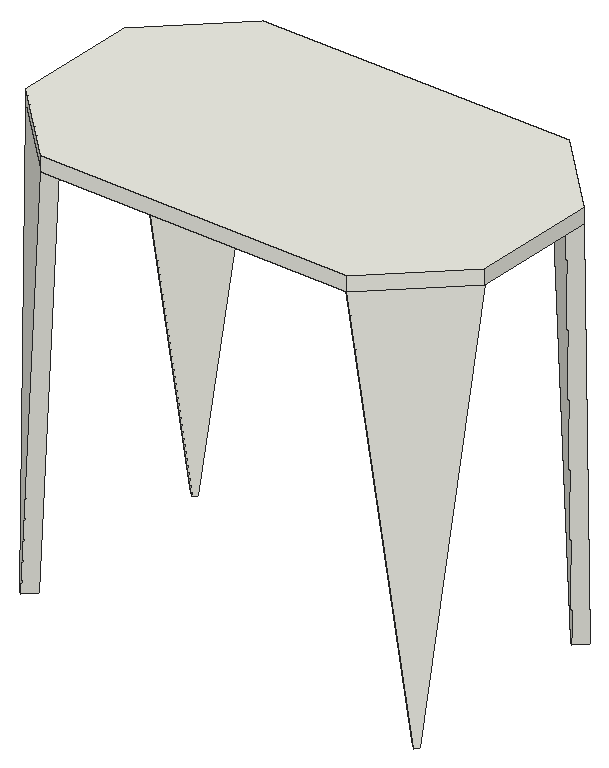
Revit family
Parameters
  Width = 2' - 0"
  URL = "http://elanbydecca.com/"
  Base [instance] = Furniture - DECCA (Elan) - Rottet - Base
  Product URL = "http://elanbydecca.com/PDFs/elan_tearsheet-rottet.pdf"
  Model = "LR ST100"
  Manufacturer = "Decca Contract"
  Height = 1' - 10"
  Description = "Rottet Nesting Table"
  Depth = 1' - 2 1/2"
  Assembly Description = "Furniture & Accessories"
  Assembly Code = "E2020200"
Reference planes (in)
  plane 1 "Center Front/Back": y = -0.7524
  plane 2: z = 0
  plane 3 "Center Left/Right": x = 0
  plane 4 "L": x = -12
  plane 5 "R": x = 12
  plane 6 "F": y = -8.0024
  plane 7: y = 6.4976
  plane 8: through (-6.25338, 2.33237, 23.38953) normal (0.4297, -0.4297, 0.7941)
  plane 9: z = 22
  plane 10: z = 21.25
  plane 11: y = -4.0024
  plane 12: y = 2.4976
Forms (in)
  Extrusion 1, solid, material "Furniture - DECCA (Elan) - Rottet - Base" <- "Base"
    sketch origin (0, 0, 21.3125) x (-1, 0, 0) y (0, -1, 0)
      loop
        line (12, -2.4976) -> (12, 4.0024) -> (8, 8.0024) -> (-8, 8.0024) -> (-12, 4.0024) -> (-12, -2.4976) -> (-8, -6.4976) -> (8, -6.4976) -> (12, -2.4976)
    from -0.0625 to 0.6875
  Blend 2, solid, material "Furniture - DECCA (Elan) - Rottet - Base" <- "Base"
    base sketch origin (0, 0, 21.3125) x (-1, 0, 0) y (0, -1, 0)
      loop
        line (10.46852, 6.29414) -> (10.29174, 6.47092) -> (9.76141, 5.94059) -> (9.93819, 5.76381) -> (10.46852, 6.29414)
    top sketch origin (0, 0, 21.3125) x (-1, 0, 0) y (0, -1, 0)
      loop
        line (12, 4.0024) -> (8, 8.0024) -> (7.46967, 7.47207) -> (11.46967, 3.47207) -> (12, 4.0024)
    from -21.3125 to -0.0625
  Blend 3, solid, material "Furniture - DECCA (Elan) - Rottet - Base" <- "Base"
    base sketch origin (0, 0, 21.3125) x (1, 0, 0) y (0, 1, 0)
      loop
        line (10.46852, -6.29414) -> (9.93819, -5.76381) -> (9.76141, -5.94059) -> (10.29174, -6.47092) -> (10.46852, -6.29414)
    top sketch origin (0, 0, 21.3125) x (1, 0, 0) y (0, 1, 0)
      loop
        line (12, -4.0024) -> (11.46967, -3.47207) -> (7.46967, -7.47207) -> (8, -8.0024) -> (12, -4.0024)
    from -21.3125 to -0.0625
  Blend 4, solid, material "Furniture - DECCA (Elan) - Rottet - Base" <- "Base"
    base sketch origin (0, -1.5048, 21.3125) x (-1, 0, 0) y (0, -1, 0)
      loop
        line (10.46852, -6.29414) -> (9.93819, -5.76381) -> (9.76141, -5.94059) -> (10.29174, -6.47092) -> (10.46852, -6.29414)
    top sketch origin (0, -1.5048, 21.3125) x (-1, 0, 0) y (0, -1, 0)
      loop
        line (12, -4.0024) -> (11.46967, -3.47207) -> (7.46967, -7.47207) -> (8, -8.0024) -> (12, -4.0024)
    from -21.3125 to -0.0625
  Blend 5, solid, material "Furniture - DECCA (Elan) - Rottet - Base" <- "Base"
    base sketch origin (0, -1.5048, 21.3125) x (1, 0, 0) y (0, 1, 0)
      loop
        line (10.46852, 6.29414) -> (10.29174, 6.47092) -> (9.76141, 5.94059) -> (9.93819, 5.76381) -> (10.46852, 6.29414)
    top sketch origin (0, -1.5048, 21.3125) x (1, 0, 0) y (0, 1, 0)
      loop
        line (12, 4.0024) -> (8, 8.0024) -> (7.46967, 7.47207) -> (11.46967, 3.47207) -> (12, 4.0024)
    from -21.3125 to -0.0625
Cuts and joins
  joined: Extrusion 1, Blend 2, Blend 3, Blend 4, Blend 5
Dimensions and locks (in)
  equal spacing: plane 4 "L", plane 3 "Center Left/Right", plane 5 "R"
  equal spacing: plane 7, plane 1 "Center Front/Back", plane 6 "F"
  "Width": plane 4 "L" to plane 5 "R"
  "Depth": plane 7 to plane 6 "F"
  "Height": plane 9 to level
  locked: plane 9 to plane 10 at 0.75
  aligned and locked: Extrusion 1 sketch curve to plane 4 "L"
  aligned and locked: Extrusion 1 sketch curve to plane 7
  aligned and locked: Extrusion 1 sketch curve to plane 6 "F"
  aligned and locked: plane 5 "R" to Extrusion 1 sketch curve
  aligned and locked: Extrusion 1 to plane 10
  aligned and locked: plane 9 to Extrusion 1
  aligned and locked: plane 10 to Blend 2
Automatic sketch dimensions
  plane 12 to Extrusion 1 sketch curve = 0' - 0"
  Extrusion 1 sketch curve to plane 12 = 0' - 0"
  plane 11 to Extrusion 1 sketch curve = 0' - 0"  (x2)
  plane 5 "R" to Extrusion 1 sketch curve = 0' - 4"  (x2)
  plane 4 "L" to Extrusion 1 sketch curve = 0' - 4"  (x2)
  plane 4 "L" to Blend 2 sketch curve = 0' - 2.23859"
  Blend 2 sketch curve to Blend 2 sketch curve = 0' - 0.17678"  (x2)
  Blend 2 sketch curve to Blend 2 sketch curve = 0' - 0.53033"
  plane 6 "F" to Blend 2 sketch curve = 0' - 2.23859"
  Blend 2 sketch curve to plane 6 "F" = 0' - 0"
  Blend 2 sketch curve to plane 4 "L" = 0' - 0"
  plane 11 to Blend 2 sketch curve = 0' - 0"
  plane 4 "L" to Blend 2 sketch curve = 0' - 0.53033"
  plane 4 "L" to Blend 2 sketch curve = 0' - 4"
  plane 5 "R" to Blend 3 sketch curve = 0' - 2.23859"
  Blend 3 sketch curve to Blend 3 sketch curve = 0' - 0.17678"  (x2)
  Blend 3 sketch curve to Blend 3 sketch curve = 0' - 0.53033"
  plane 6 "F" to Blend 3 sketch curve = 0' - 1.53148"
  Blend 3 sketch curve to plane 6 "F" = 0' - 0"
  Blend 3 sketch curve to plane 5 "R" = 0' - 0"
  plane 11 to Blend 3 sketch curve = 0' - 0"
  plane 5 "R" to Blend 3 sketch curve = 0' - 0.53033"
  plane 5 "R" to Blend 3 sketch curve = 0' - 4"
  plane 4 "L" to Blend 4 sketch curve = 0' - 2.23859"
  Blend 4 sketch curve to Blend 4 sketch curve = 0' - 0.17678"  (x2)
  Blend 4 sketch curve to Blend 4 sketch curve = 0' - 0.53033"
  Blend 4 sketch curve to plane 7 = 0' - 1.53148"
  Blend 4 sketch curve to plane 7 = 0' - 0"
  Blend 4 sketch curve to plane 4 "L" = 0' - 0"
  Blend 4 sketch curve to plane 12 = 0' - 0"
  plane 4 "L" to Blend 4 sketch curve = 0' - 0.53033"
  plane 4 "L" to Blend 4 sketch curve = 0' - 4"
  plane 5 "R" to Blend 5 sketch curve = 0' - 2.23859"
  Blend 5 sketch curve to Blend 5 sketch curve = 0' - 0.17678"  (x2)
  Blend 5 sketch curve to Blend 5 sketch curve = 0' - 0.53033"
  Blend 5 sketch curve to plane 7 = 0' - 2.23859"
  Blend 5 sketch curve to plane 7 = 0' - 0"
  Blend 5 sketch curve to plane 5 "R" = 0' - 0"
  plane 12 to Blend 5 sketch curve = 0' - 0"
  plane 5 "R" to Blend 5 sketch curve = 0' - 0.53033"
  plane 5 "R" to Blend 5 sketch curve = 0' - 4"
